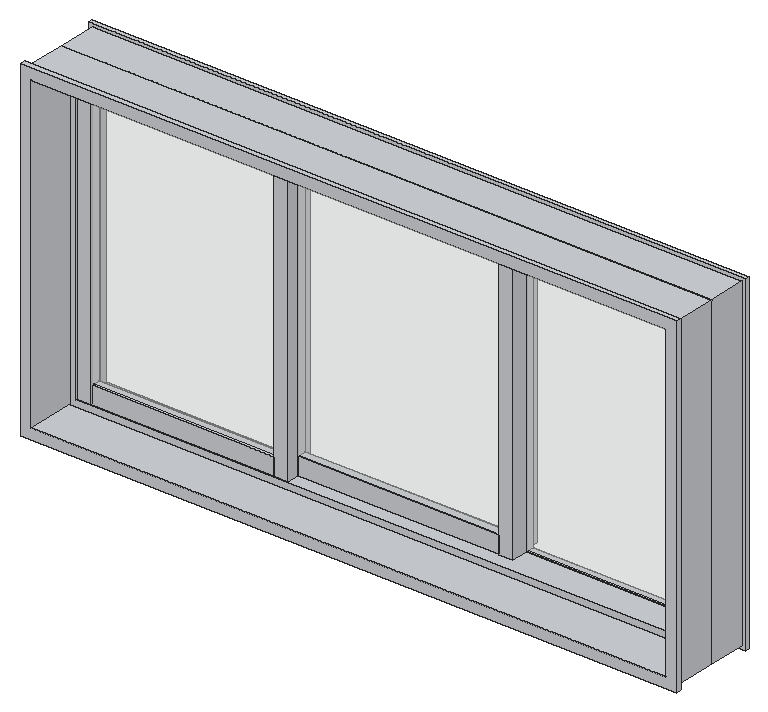
Revit family "APL Residential Thermal Heart Sliding Window SSF", category Windows, host Wall, Revit 2017 (continued)
Definition of nested family "APL Residential Thermal Heart Sliding Window SSF Horizontal Section"
  Definition of nested family "Jamb Multislider Stile"
    Definition of nested family "65410_Frame"
      Lines and regions (mm)
        model lines, in view "Ref. Level"
          curve 486: arc (111.5, 16.95, 0) -> (111, 16.45, 0) -> (110.5, 16.95, 0) r 0.5
          curve 487: arc (110.5, 18.5, 0) -> (110.646, 18.854, 0) -> (111, 19, 0) r 0.5
          curve 488: arc (116, 19, 0) -> (116.354, 18.854, 0) -> (116.5, 18.5, 0) r 0.5
          curve 489: arc (116.5, 16.95, 0) -> (116, 16.45, 0) -> (115.5, 16.95, 0) r 0.5
          curve 490: arc (115.5, 17.8, 0) -> (115.441, 17.941, 0) -> (115.3, 18, 0) r 0.2
          curve 491: arc (114.3, 18, 0) -> (114.159, 17.941, 0) -> (114.1, 17.8, 0) r 0.2
          curve 492: arc (114.1, 10.5, 0) -> (114.159, 10.359, 0) -> (114.3, 10.3, 0) r 0.2
          curve 493: arc (115.3, 10.3, 0) -> (115.441, 10.359, 0) -> (115.5, 10.5, 0) r 0.2
          curve 494: arc (115.5, 11.35, 0) -> (116, 11.85, 0) -> (116.5, 11.35, 0) r 0.5
          curve 495: arc (116.5, 8.8, 0) -> (116, 8.3, 0) -> (115.5, 8.8, 0) r 0.5
          curve 496: arc (115.5, 9.1, 0) -> (115.441, 9.241, 0) -> (115.3, 9.3, 0) r 0.2
          curve 497: arc (114.6, 9.3, 0) -> (114.459, 9.241, 0) -> (114.4, 9.1, 0) r 0.2
          curve 498: arc (114.4, -7.5, 0) -> (114.546, -7.854, 0) -> (114.9, -8, 0) r 0.5
          curve 499: arc (117.117, -8, 0) -> (117.422, -8.199, 0) -> (117.695, -7.957, 0) r 0.3
          curve 500: arc (117.695, -7.957, 0) -> (117.761, -7.819, 0) -> (117.887, -7.732, 0) r 0.3
          curve 501: arc (119.297, -7.218, 0) -> (119.583, -7.262, 0) -> (119.699, -7.526, 0) r 0.3
          curve 502: arc (119.492, -9.892, 0) -> (119.465, -9.992, 0) -> (119.405, -10.078, 0) r 0.3
          curve 503: arc (119.041, -10.441, 0) -> (118.848, -10.493, 0) -> (118.707, -10.352, 0) r 0.2
          curve 504: arc (118.662, -10.184, 0) -> (118.61, -10.095, 0) -> (118.521, -10.043, 0) r 0.2
          curve 505: arc (116.3, -9.5, 0) -> (116.02, -9.693, 0) -> (116.1, -10.024, 0) r 0.3
          curve 506: arc (116.1, -10.024, 0) -> (116.174, -10.125, 0) -> (116.2, -10.247, 0) r 0.3
          curve 507: arc (116.006, -14.25, 0) -> (116.042, -14.422, 0) -> (116.2, -14.5, 0) r 0.2
          curve 508: arc (116.721, -14.5, 0) -> (116.802, -14.489, 0) -> (116.877, -14.456, 0) r 0.3
          curve 509: arc (118.131, -13.691, 0) -> (118.128, -13.521, 0) -> (118.234, -13.389, 0) r 0.25
          curve 510: arc (118.32, -13.337, 0) -> (118.572, -13.332, 0) -> (118.7, -13.55, 0) r 0.25
          curve 511: arc (118.7, -15.126, 0) -> (118.618, -15.523, 0) -> (118.385, -15.854, 0) r 1
          curve 512: arc (118.385, -15.854, 0) -> (118.322, -16, 0) -> (118.385, -16.146, 0) r 0.2
          curve 513: arc (118.385, -16.146, 0) -> (118.618, -16.477, 0) -> (118.7, -16.874, 0) r 1
          curve 514: arc (118.7, -18.45, 0) -> (118.572, -18.668, 0) -> (118.32, -18.663, 0) r 0.25
          curve 515: arc (118.234, -18.611, 0) -> (118.128, -18.479, 0) -> (118.131, -18.309, 0) r 0.25
          curve 516: arc (116.877, -17.544, 0) -> (116.802, -17.511, 0) -> (116.721, -17.5, 0) r 0.3
          curve 517: arc (116.2, -17.5, 0) -> (116.042, -17.578, 0) -> (116.006, -17.75, 0) r 0.2
          curve 518: arc (116.2, -21.753, 0) -> (116.174, -21.875, 0) -> (116.1, -21.976, 0) r 0.3
          curve 519: arc (116.1, -21.976, 0) -> (116.02, -22.307, 0) -> (116.3, -22.5, 0) r 0.3
          curve 520: arc (118.521, -21.957, 0) -> (118.61, -21.905, 0) -> (118.662, -21.816, 0) r 0.2
          curve 521: arc (118.707, -21.648, 0) -> (118.848, -21.507, 0) -> (119.041, -21.559, 0) r 0.2
          curve 522: arc (119.405, -21.922, 0) -> (119.465, -22.008, 0) -> (119.492, -22.108, 0) r 0.3
          curve 523: arc (119.699, -24.474, 0) -> (119.583, -24.738, 0) -> (119.297, -24.782, 0) r 0.3
          curve 524: arc (117.887, -24.268, 0) -> (117.761, -24.181, 0) -> (117.695, -24.043, 0) r 0.3
          curve 525: arc (117.695, -24.043, 0) -> (117.422, -23.801, 0) -> (117.117, -24, 0) r 0.3
          curve 526: arc (114.8, -24, 0) -> (114.446, -23.854, 0) -> (114.3, -23.5, 0) r 0.5
          curve 527: arc (114.3, -19, 0) -> (114.241, -18.859, 0) -> (114.1, -18.8, 0) r 0.2
          curve 528: arc (105.3, -18.8, 0) -> (104.946, -18.654, 0) -> (104.8, -18.3, 0) r 0.5
          curve 529: arc (104.8, -17.8, 0) -> (104.946, -17.446, 0) -> (105.3, -17.3, 0) r 0.5
          curve 530: arc (106.727, -17.3, 0) -> (107.066, -17.167, 0) -> (107.226, -16.84, 0) r 0.5
          curve 531: arc (107.226, -16.84, 0) -> (107.712, -16.197, 0) -> (108.5, -16.366, 0) r 0.75
          curve 532: arc (108.5, -16.366, 0) -> (109.8, -16.9, 0) -> (111.1, -16.366, 0) r 1.85
          curve 533: arc (111.1, -16.366, 0) -> (111.242, -16.256, 0) -> (111.407, -16.183, 0) r 0.75
          curve 534: arc (111.407, -16.183, 0) -> (111.591, -16.08, 0) -> (111.716, -15.91, 0) r 0.5
          curve 535: arc (111.716, -15.91, 0) -> (111.9, -15.05, 0) -> (111.716, -14.19, 0) r 2.1
          curve 536: arc (111.716, -14.19, 0) -> (111.591, -14.02, 0) -> (111.407, -13.917, 0) r 0.5
          curve 537: arc (111.407, -13.917, 0) -> (111.242, -13.844, 0) -> (111.1, -13.734, 0) r 0.75
          curve 538: arc (111.1, -13.734, 0) -> (109.8, -13.2, 0) -> (108.5, -13.734, 0) r 1.85
          curve 539: arc (108.5, -13.734, 0) -> (107.831, -13.936, 0) -> (107.286, -13.5, 0) r 0.75
          curve 540: arc (107.286, -13.5, 0) -> (107.101, -13.282, 0) -> (106.827, -13.2, 0) r 0.5
          curve 541: arc (102.3, -13.2, 0) -> (101.25, -12.919, 0) -> (100.481, -12.15, 0) r 2.1
          curve 542: arc (100.481, -12.15, 0) -> (100.298, -11.967, 0) -> (100.048, -11.9, 0) r 0.5
          curve 543: arc (91.556, -11.9, 0) -> (91.287, -11.978, 0) -> (91.103, -12.188, 0) r 0.5
          curve 544: arc (91.103, -12.188, 0) -> (90.328, -13.071, 0) -> (89.2, -13.4, 0) r 2.1
          curve 545: arc (87.9, -13.4, 0) -> (87.193, -13.693, 0) -> (86.9, -14.4, 0) r 1
          curve 546: arc (86.9, -23.5, 0) -> (86.754, -23.854, 0) -> (86.4, -24, 0) r 0.5
          curve 547: arc (84.083, -24, 0) -> (83.778, -23.801, 0) -> (83.505, -24.043, 0) r 0.3
          curve 548: arc (83.505, -24.043, 0) -> (83.439, -24.181, 0) -> (83.313, -24.268, 0) r 0.3
          curve 549: arc (81.903, -24.782, 0) -> (81.617, -24.738, 0) -> (81.501, -24.474, 0) r 0.3
          curve 550: arc (81.708, -22.108, 0) -> (81.735, -22.008, 0) -> (81.795, -21.922, 0) r 0.3
          curve 551: arc (82.159, -21.559, 0) -> (82.352, -21.507, 0) -> (82.493, -21.648, 0) r 0.2
          curve 552: arc (82.538, -21.816, 0) -> (82.59, -21.905, 0) -> (82.679, -21.957, 0) r 0.2
          curve 553: arc (84.9, -22.5, 0) -> (85.18, -22.307, 0) -> (85.1, -21.976, 0) r 0.3
          curve 554: arc (85.1, -21.976, 0) -> (85.026, -21.875, 0) -> (85, -21.753, 0) r 0.3
          curve 555: arc (85.194, -17.75, 0) -> (85.158, -17.578, 0) -> (85, -17.5, 0) r 0.2
          curve 556: arc (84.479, -17.5, 0) -> (84.398, -17.511, 0) -> (84.323, -17.544, 0) r 0.3
          curve 557: arc (83.069, -18.309, 0) -> (83.072, -18.479, 0) -> (82.966, -18.611, 0) r 0.25
          curve 558: arc (82.88, -18.663, 0) -> (82.628, -18.668, 0) -> (82.5, -18.45, 0) r 0.25
          curve 559: arc (82.5, -16.874, 0) -> (82.582, -16.477, 0) -> (82.815, -16.146, 0) r 1
          curve 560: arc (82.815, -16.146, 0) -> (82.878, -16, 0) -> (82.815, -15.854, 0) r 0.2
          curve 561: arc (82.815, -15.854, 0) -> (82.582, -15.523, 0) -> (82.5, -15.126, 0) r 1
          curve 562: arc (82.5, -13.55, 0) -> (82.628, -13.332, 0) -> (82.88, -13.337, 0) r 0.25
          curve 563: arc (82.966, -13.389, 0) -> (83.072, -13.521, 0) -> (83.069, -13.691, 0) r 0.25
          curve 564: arc (84.323, -14.456, 0) -> (84.398, -14.489, 0) -> (84.479, -14.5, 0) r 0.3
          curve 565: arc (85, -14.5, 0) -> (85.158, -14.422, 0) -> (85.194, -14.25, 0) r 0.2
          curve 566: arc (85, -10.247, 0) -> (85.026, -10.125, 0) -> (85.1, -10.024, 0) r 0.3
          curve 567: arc (85.1, -10.024, 0) -> (85.18, -9.693, 0) -> (84.9, -9.5, 0) r 0.3
          curve 568: arc (82.679, -10.043, 0) -> (82.59, -10.095, 0) -> (82.538, -10.184, 0) r 0.2
          curve 569: arc (82.493, -10.352, 0) -> (82.352, -10.493, 0) -> (82.159, -10.441, 0) r 0.2
          curve 570: arc (81.795, -10.078, 0) -> (81.735, -9.992, 0) -> (81.708, -9.892, 0) r 0.3
          curve 571: arc (81.501, -7.526, 0) -> (81.617, -7.262, 0) -> (81.903, -7.218, 0) r 0.3
          curve 572: arc (83.313, -7.732, 0) -> (83.439, -7.819, 0) -> (83.505, -7.957, 0) r 0.3
          curve 573: arc (83.505, -7.957, 0) -> (83.778, -8.199, 0) -> (84.083, -8, 0) r 0.3
          curve 574: arc (86.7, -8, 0) -> (86.841, -8.059, 0) -> (86.9, -8.2, 0) r 0.2
          curve 575: arc (86.9, -11.3, 0) -> (86.959, -11.441, 0) -> (87.1, -11.5, 0) r 0.2
          curve 576: arc (89.2, -11.5, 0) -> (89.341, -11.441, 0) -> (89.4, -11.3, 0) r 0.2
          curve 577: arc (89.4, -10.2, 0) -> (89.459, -10.059, 0) -> (89.6, -10, 0) r 0.2
          curve 578: line (89.6, -10, 0) -> (95.4, -10, 0)
          curve 579: line (95.4, -10, 0) -> (95.8, -10.4, 0)
          curve 580: line (95.8, -10.4, 0) -> (96.2, -10, 0)
          curve 581: line (96.2, -10, 0) -> (101.9, -10, 0)
          curve 582: line (102.1, -10.2, 0) -> (102.1, -11.1, 0)
          curve 583: line (102.3, -11.3, 0) -> (109.1, -11.3, 0)
          curve 584: line (109.6, -10.8, 0) -> (109.6, -9.5, 0)
          curve 585: line (109.4, -9.3, 0) -> (107.3, -9.3, 0)
          curve 586: line (107.1, -9.1, 0) -> (107.1, -8.2, 0)
          curve 587: line (107.3, -8, 0) -> (112.1, -8, 0)
          curve 588: line (112.6, -7.5, 0) -> (112.6, 9.1, 0)
          curve 589: line (112.4, 9.3, 0) -> (111.7, 9.3, 0)
          curve 590: line (111.5, 9.1, 0) -> (111.5, 8.8, 0)
          curve 591: line (110.5, 8.8, 0) -> (110.5, 11.35, 0)
          curve 592: line (111.5, 11.35, 0) -> (111.5, 10.5, 0)
          curve 593: line (111.7, 10.3, 0) -> (112.7, 10.3, 0)
          curve 594: line (112.9, 10.5, 0) -> (112.9, 17.8, 0)
          curve 595: line (112.7, 18, 0) -> (111.701, 18, 0)
          curve 596: line (111.5, 17.8, 0) -> (111.5, 16.95, 0)
          curve 597: line (110.5, 16.95, 0) -> (110.5, 18.5, 0)
          curve 598: line (111, 19, 0) -> (116, 19, 0)
          curve 599: line (116.5, 18.5, 0) -> (116.5, 16.95, 0)
          curve 600: line (115.5, 16.95, 0) -> (115.5, 17.8, 0)
          curve 601: line (115.3, 18, 0) -> (114.3, 18, 0)
          curve 602: line (114.1, 17.8, 0) -> (114.1, 10.5, 0)
          curve 603: line (114.3, 10.3, 0) -> (115.3, 10.3, 0)
          curve 604: line (115.5, 10.5, 0) -> (115.5, 11.35, 0)
          curve 605: line (116.5, 11.35, 0) -> (116.5, 8.8, 0)
          curve 606: line (115.5, 8.8, 0) -> (115.5, 9.1, 0)
          curve 607: line (115.3, 9.3, 0) -> (114.6, 9.3, 0)
          curve 608: line (114.4, 9.1, 0) -> (114.4, -7.5, 0)
          curve 609: line (114.9, -8, 0) -> (117.117, -8, 0)
          curve 610: line (117.887, -7.732, 0) -> (119.297, -7.218, 0)
          curve 611: line (119.699, -7.526, 0) -> (119.492, -9.892, 0)
          curve 612: line (119.405, -10.078, 0) -> (119.041, -10.441, 0)
          curve 613: line (118.707, -10.352, 0) -> (118.662, -10.184, 0)
          curve 614: line (118.662, -10.184, 0) -> (116.532, -9.51, 0)
          curve 615: line (116.532, -9.51, 0) -> (116.3, -9.5, 0)
          curve 616: line (116.2, -10.247, 0) -> (116.2, -13.475, 0)
          curve 617: line (116.2, -13.475, 0) -> (116.006, -14.25, 0)
          curve 618: line (116.2, -14.5, 0) -> (116.721, -14.5, 0)
          curve 619: line (116.721, -14.5, 0) -> (118.131, -13.691, 0)
          curve 620: line (118.7, -13.55, 0) -> (118.7, -15.126, 0)
          curve 621: line (118.7, -16.874, 0) -> (118.7, -18.45, 0)
          curve 622: line (118.131, -18.309, 0) -> (116.877, -17.544, 0)
          curve 623: line (116.877, -17.544, 0) -> (116.2, -17.5, 0)
          curve 624: line (116.006, -17.75, 0) -> (116.194, -18.475, 0)
          curve 625: line (116.194, -18.475, 0) -> (116.2, -21.753, 0)
          curve 626: line (116.454, -22.5, 0) -> (118.521, -21.957, 0)
          curve 627: line (118.521, -21.957, 0) -> (118.707, -21.648, 0)
          curve 628: line (119.041, -21.559, 0) -> (119.405, -21.922, 0)
          curve 629: line (119.492, -22.108, 0) -> (119.699, -24.474, 0)
          curve 630: line (119.297, -24.782, 0) -> (117.887, -24.268, 0)
          curve 631: line (117.117, -24, 0) -> (114.8, -24, 0)
          curve 632: line (114.3, -23.5, 0) -> (114.3, -19, 0)
          curve 633: line (114.1, -18.8, 0) -> (105.3, -18.8, 0)
          curve 634: line (104.8, -18.3, 0) -> (104.8, -17.8, 0)
          curve 635: line (105.3, -17.3, 0) -> (106.727, -17.3, 0)
          curve 636: line (106.827, -13.2, 0) -> (102.3, -13.2, 0)
          curve 637: line (100.048, -11.9, 0) -> (91.556, -11.9, 0)
          curve 638: line (89.2, -13.4, 0) -> (87.9, -13.4, 0)
          curve 639: line (86.9, -14.4, 0) -> (86.9, -23.5, 0)
          curve 640: line (86.4, -24, 0) -> (84.083, -24, 0)
          curve 641: line (83.313, -24.268, 0) -> (81.903, -24.782, 0)
          curve 642: line (81.501, -24.474, 0) -> (81.708, -22.108, 0)
          curve 643: line (81.795, -21.922, 0) -> (82.159, -21.559, 0)
          curve 644: line (82.493, -21.648, 0) -> (82.538, -21.816, 0)
          curve 645: line (82.538, -21.816, 0) -> (84.668, -22.49, 0)
          curve 646: line (84.668, -22.49, 0) -> (84.9, -22.5, 0)
          curve 647: line (85, -21.753, 0) -> (85, -18.525, 0)
          curve 648: line (85, -18.525, 0) -> (85.194, -17.75, 0)
          curve 649: line (85, -17.5, 0) -> (84.479, -17.5, 0)
          curve 650: line (84.479, -17.5, 0) -> (83.069, -18.309, 0)
          curve 651: line (82.5, -18.45, 0) -> (82.5, -16.874, 0)
          curve 652: line (82.5, -15.126, 0) -> (82.5, -13.55, 0)
          curve 653: line (83.069, -13.691, 0) -> (84.323, -14.456, 0)
          curve 654: line (84.323, -14.456, 0) -> (85, -14.5, 0)
          curve 655: line (85.194, -14.25, 0) -> (85.006, -13.525, 0)
          curve 656: line (85.006, -13.525, 0) -> (85, -10.247, 0)
          curve 657: line (84.746, -9.5, 0) -> (82.679, -10.043, 0)
          curve 658: line (82.679, -10.043, 0) -> (82.493, -10.352, 0)
          curve 659: line (82.159, -10.441, 0) -> (81.795, -10.078, 0)
          curve 660: line (81.708, -9.892, 0) -> (81.501, -7.526, 0)
          curve 661: line (81.903, -7.218, 0) -> (83.313, -7.732, 0)
          curve 662: line (84.083, -8, 0) -> (86.7, -8, 0)
          curve 663: line (86.9, -8.2, 0) -> (86.9, -11.3, 0)
          curve 664: line (87.1, -11.5, 0) -> (89.2, -11.5, 0)
          curve 665: line (89.4, -11.3, 0) -> (89.4, -10.2, 0)
          curve 666: arc (159.4, 11.877, 0) -> (159.327, 11.95, 0) -> (159.3, 12.05, 0) r 0.2
          curve 667: arc (159.3, 16.25, 0) -> (159.327, 16.35, 0) -> (159.4, 16.423, 0) r 0.2
          curve 668: arc (159.4, 16.423, 0) -> (159.473, 16.496, 0) -> (159.5, 16.596, 0) r 0.2
          curve 669: arc (159.5, 17.8, 0) -> (159.441, 17.941, 0) -> (159.3, 18, 0) r 0.2
          curve 670: arc (157.701, 18, 0) -> (157.559, 17.942, 0) -> (157.5, 17.8, 0) r 0.2
          curve 671: arc (157.5, 16.95, 0) -> (157, 16.451, 0) -> (156.5, 16.95, 0) r 0.5
          curve 672: arc (156.5, 18.5, 0) -> (156.646, 18.854, 0) -> (157, 19, 0) r 0.499
          curve 673: arc (160.5, 19, 0) -> (160.847, 18.847, 0) -> (161, 18.5, 0) r 0.523
          curve 674: arc (161, -2.5, 0) -> (160.856, -2.856, 0) -> (160.5, -3, 0) r 0.493
          curve 675: arc (157.7, -3, 0) -> (157.558, -3.058, 0) -> (157.5, -3.2, 0) r 0.199
          curve 676: arc (157.5, -10.801, 0) -> (156.852, -12.441, 0) -> (155.258, -13.195, 0) r 2.399
          curve 677: arc (155.258, -13.195, 0) -> (154.878, -13.412, 0) -> (154.814, -13.844, 0) r 0.5
          curve 678: arc (154.814, -13.844, 0) -> (155, -15.047, 0) -> (154.816, -16.25, 0) r 4
          curve 679: arc (154.816, -16.25, 0) -> (154.89, -16.696, 0) -> (155.293, -16.9, 0) r 0.5
          curve 680: arc (155.5, -16.9, 0) -> (156.914, -17.486, 0) -> (157.5, -18.9, 0) r 2.001
          curve 681: arc (166.75, -22.5, 0) -> (167.501, -23.253, 0) -> (166.745, -24, 0) r 0.75
          curve 682: arc (157.5, -24, 0) -> (156.439, -23.561, 0) -> (156, -22.5, 0) r 1.5
          curve 683: arc (156, -19, 0) -> (155.941, -18.859, 0) -> (155.8, -18.8, 0) r 0.2
          curve 684: arc (146.5, -18.8, 0) -> (146.146, -18.654, 0) -> (146, -18.3, 0) r 0.5
          curve 685: arc (146, -17.8, 0) -> (146.146, -17.446, 0) -> (146.5, -17.3, 0) r 0.5
          curve 686: arc (147.927, -17.3, 0) -> (148.266, -17.167, 0) -> (148.426, -16.84, 0) r 0.5
          curve 687: arc (148.426, -16.84, 0) -> (148.912, -16.197, 0) -> (149.7, -16.366, 0) r 0.75
          curve 688: arc (149.7, -16.366, 0) -> (151, -16.9, 0) -> (152.3, -16.366, 0) r 1.85
          curve 689: arc (152.3, -16.366, 0) -> (152.442, -16.256, 0) -> (152.607, -16.183, 0) r 0.75
          curve 690: arc (152.607, -16.183, 0) -> (152.791, -16.08, 0) -> (152.916, -15.91, 0) r 0.5
          curve 691: arc (152.916, -15.91, 0) -> (153.1, -15.05, 0) -> (152.916, -14.19, 0) r 2.1
          curve 692: arc (152.916, -14.19, 0) -> (152.791, -14.02, 0) -> (152.607, -13.917, 0) r 0.5
          curve 693: arc (152.607, -13.917, 0) -> (152.442, -13.844, 0) -> (152.3, -13.734, 0) r 0.75
          curve 694: arc (152.3, -13.734, 0) -> (151, -13.2, 0) -> (149.7, -13.734, 0) r 1.85
          curve 695: arc (149.7, -13.734, 0) -> (149.027, -13.936, 0) -> (148.482, -13.491, 0) r 0.75
          curve 696: arc (148.482, -13.491, 0) -> (148.32, -13.284, 0) -> (148.075, -13.188, 0) r 0.5
          curve 697: arc (148.075, -13.188, 0) -> (147.154, -12.86, 0) -> (146.481, -12.15, 0) r 2.1
          curve 698: arc (146.481, -12.15, 0) -> (146.298, -11.967, 0) -> (146.048, -11.9, 0) r 0.5
          curve 699: arc (137.556, -11.9, 0) -> (137.287, -11.978, 0) -> (137.103, -12.188, 0) r 0.5
          curve 700: arc (137.103, -12.188, 0) -> (136.328, -13.071, 0) -> (135.2, -13.4, 0) r 2.1
          curve 701: arc (133.9, -13.4, 0) -> (133.193, -13.693, 0) -> (132.9, -14.4, 0) r 1
          curve 702: arc (132.9, -23.5, 0) -> (132.754, -23.854, 0) -> (132.4, -24, 0) r 0.5
          curve 703: arc (130.083, -24, 0) -> (129.778, -23.801, 0) -> (129.505, -24.043, 0) r 0.3
          curve 704: arc (129.505, -24.043, 0) -> (129.439, -24.181, 0) -> (129.313, -24.268, 0) r 0.3
          curve 705: arc (127.903, -24.782, 0) -> (127.617, -24.738, 0) -> (127.501, -24.474, 0) r 0.3
          curve 706: arc (127.708, -22.108, 0) -> (127.735, -22.008, 0) -> (127.795, -21.922, 0) r 0.3
          curve 707: arc (128.159, -21.559, 0) -> (128.352, -21.507, 0) -> (128.493, -21.648, 0) r 0.2
          curve 708: arc (128.538, -21.816, 0) -> (128.59, -21.905, 0) -> (128.679, -21.957, 0) r 0.2
          curve 709: arc (130.9, -22.5, 0) -> (131.18, -22.307, 0) -> (131.1, -21.976, 0) r 0.3
          curve 710: arc (131.1, -21.976, 0) -> (131.026, -21.875, 0) -> (131, -21.753, 0) r 0.3
          curve 711: arc (131.194, -17.75, 0) -> (131.158, -17.578, 0) -> (131, -17.5, 0) r 0.2
          curve 712: arc (130.479, -17.5, 0) -> (130.398, -17.511, 0) -> (130.323, -17.544, 0) r 0.3
          curve 713: arc (129.069, -18.309, 0) -> (129.072, -18.479, 0) -> (128.966, -18.611, 0) r 0.25
          curve 714: arc (128.88, -18.663, 0) -> (128.628, -18.668, 0) -> (128.5, -18.45, 0) r 0.25
          curve 715: arc (128.5, -16.874, 0) -> (128.582, -16.477, 0) -> (128.815, -16.146, 0) r 1
          curve 716: arc (128.815, -16.146, 0) -> (128.878, -16, 0) -> (128.815, -15.854, 0) r 0.2
          curve 717: arc (128.815, -15.854, 0) -> (128.582, -15.523, 0) -> (128.5, -15.126, 0) r 1
          curve 718: arc (128.5, -13.55, 0) -> (128.628, -13.332, 0) -> (128.88, -13.337, 0) r 0.25
          curve 719: arc (128.966, -13.389, 0) -> (129.072, -13.521, 0) -> (129.069, -13.691, 0) r 0.25
          curve 720: arc (130.323, -14.456, 0) -> (130.398, -14.489, 0) -> (130.479, -14.5, 0) r 0.3
          curve 721: arc (131, -14.5, 0) -> (131.158, -14.422, 0) -> (131.194, -14.25, 0) r 0.2
          curve 722: arc (131, -10.247, 0) -> (131.026, -10.125, 0) -> (131.1, -10.024, 0) r 0.3
          curve 723: arc (131.1, -10.024, 0) -> (131.18, -9.693, 0) -> (130.9, -9.5, 0) r 0.3
          curve 724: arc (128.679, -10.043, 0) -> (128.59, -10.095, 0) -> (128.538, -10.184, 0) r 0.2
          curve 725: arc (128.493, -10.352, 0) -> (128.352, -10.493, 0) -> (128.159, -10.441, 0) r 0.2
          curve 726: arc (127.795, -10.078, 0) -> (127.735, -9.992, 0) -> (127.708, -9.892, 0) r 0.3
          curve 727: arc (127.501, -7.526, 0) -> (127.617, -7.262, 0) -> (127.903, -7.218, 0) r 0.3
          curve 728: arc (129.313, -7.732, 0) -> (129.439, -7.819, 0) -> (129.505, -7.957, 0) r 0.3
          curve 729: arc (129.505, -7.957, 0) -> (129.778, -8.199, 0) -> (130.083, -8, 0) r 0.3
          curve 730: arc (132.7, -8, 0) -> (132.841, -8.059, 0) -> (132.9, -8.2, 0) r 0.2
          curve 731: arc (132.9, -11.3, 0) -> (132.959, -11.441, 0) -> (133.1, -11.5, 0) r 0.2
          curve 732: arc (135.2, -11.5, 0) -> (135.341, -11.441, 0) -> (135.4, -11.3, 0) r 0.2
          curve 733: arc (135.4, -10.2, 0) -> (135.459, -10.059, 0) -> (135.6, -10, 0) r 0.2
          curve 734: arc (147.9, -10, 0) -> (148.042, -10.059, 0) -> (148.1, -10.2, 0) r 0.2
          curve 735: arc (148.1, -11.1, 0) -> (148.159, -11.241, 0) -> (148.3, -11.3, 0) r 0.2
          curve 736: arc (155.1, -11.3, 0) -> (155.454, -11.154, 0) -> (155.6, -10.8, 0) r 0.5
          curve 737: arc (155.6, -9.5, 0) -> (155.541, -9.359, 0) -> (155.4, -9.3, 0) r 0.2
          curve 738: arc (153.3, -9.3, 0) -> (153.159, -9.241, 0) -> (153.1, -9.1, 0) r 0.2
          curve 739: arc (153.1, -8.2, 0) -> (153.159, -8.059, 0) -> (153.3, -8, 0) r 0.2
          curve 740: arc (155.5, -8, 0) -> (155.854, -7.854, 0) -> (156, -7.5, 0) r 0.5
          curve 741: arc (156, -1.2, 0) -> (156.146, -0.846, 0) -> (156.5, -0.7, 0) r 0.5
          curve 742: arc (157.3, -0.7, 0) -> (157.441, -0.759, 0) -> (157.5, -0.9, 0) r 0.2
          curve 743: arc (159.3, -1.7, 0) -> (159.441, -1.641, 0) -> (159.5, -1.5, 0) r 0.2
          curve 744: arc (159.5, 3.4, 0) -> (159.1, 3.8, 0) -> (159.5, 4.2, 0) r 0.4
          curve 745: arc (159.5, 9.1, 0) -> (159.441, 9.241, 0) -> (159.3, 9.3, 0) r 0.2
          curve 746: arc (157.5, 8.7, 0) -> (157.383, 8.417, 0) -> (157.1, 8.3, 0) r 0.4
          curve 747: arc (157, 8.3, 0) -> (156.646, 8.447, 0) -> (156.5, 8.8, 0) r 0.5
          curve 748: arc (156.5, 11.35, 0) -> (157, 11.85, 0) -> (157.5, 11.35, 0) r 0.5
          curve 749: arc (157.5, 10.5, 0) -> (157.559, 10.359, 0) -> (157.7, 10.3, 0) r 0.2
          curve 750: arc (159.3, 10.3, 0) -> (159.441, 10.359, 0) -> (159.5, 10.5, 0) r 0.2
          curve 751: line (159.3, 12.05, 0) -> (159.3, 16.25, 0)
          curve 752: line (159.5, 16.596, 0) -> (159.5, 17.8, 0)
          curve 753: line (159.3, 18, 0) -> (157.701, 18, 0)
          curve 754: line (157.5, 17.8, 0) -> (157.5, 16.95, 0)
          curve 755: line (156.5, 16.95, 0) -> (156.5, 18.5, 0)
          curve 756: line (157, 19, 0) -> (160.5, 19, 0)
          curve 757: line (161, 18.5, 0) -> (161, -2.5, 0)
          curve 758: line (160.5, -3, 0) -> (157.7, -3, 0)
          curve 759: line (157.5, -3.2, 0) -> (157.5, -10.801, 0)
          curve 760: line (155.293, -16.9, 0) -> (155.5, -16.9, 0)
          curve 761: line (157.5, -18.9, 0) -> (157.5, -22.5, 0)
          curve 762: line (157.5, -22.5, 0) -> (166.75, -22.5, 0)
          curve 763: line (166.745, -24, 0) -> (165, -24, 0)
          curve 764: line (165, -24, 0) -> (164.6, -23.6, 0)
          curve 765: line (164.6, -23.6, 0) -> (158.3, -23.6, 0)
          curve 766: line (158.3, -23.6, 0) -> (157.9, -24, 0)
          curve 767: line (157.9, -24, 0) -> (157.5, -24, 0)
          curve 768: line (156, -22.5, 0) -> (156, -19, 0)
          curve 769: line (155.8, -18.8, 0) -> (146.5, -18.8, 0)
          curve 770: line (146, -18.3, 0) -> (146, -17.8, 0)
          curve 771: line (146.5, -17.3, 0) -> (147.927, -17.3, 0)
          curve 772: line (146.048, -11.9, 0) -> (137.556, -11.9, 0)
          curve 773: line (135.2, -13.4, 0) -> (133.9, -13.4, 0)
          curve 774: line (132.9, -14.4, 0) -> (132.9, -23.5, 0)
          curve 775: line (132.4, -24, 0) -> (130.083, -24, 0)
          curve 776: line (129.313, -24.268, 0) -> (127.903, -24.782, 0)
          curve 777: line (127.501, -24.474, 0) -> (127.708, -22.108, 0)
          curve 778: line (127.795, -21.922, 0) -> (128.159, -21.559, 0)
          curve 779: line (128.493, -21.648, 0) -> (128.538, -21.816, 0)
          curve 780: line (128.538, -21.816, 0) -> (130.668, -22.49, 0)
          curve 781: line (130.668, -22.49, 0) -> (130.9, -22.5, 0)
          curve 782: line (131, -21.753, 0) -> (131, -18.525, 0)
          curve 783: line (131, -18.525, 0) -> (131.194, -17.75, 0)
          curve 784: line (131, -17.5, 0) -> (130.479, -17.5, 0)
          curve 785: line (130.479, -17.5, 0) -> (129.069, -18.309, 0)
          curve 786: line (128.5, -18.45, 0) -> (128.5, -16.874, 0)
          curve 787: line (128.5, -15.126, 0) -> (128.5, -13.55, 0)
          curve 788: line (129.069, -13.691, 0) -> (130.323, -14.456, 0)
          curve 789: line (130.323, -14.456, 0) -> (131, -14.5, 0)
          curve 790: line (131.194, -14.25, 0) -> (131, -13.5, 0)
          curve 791: line (131.006, -13.525, 0) -> (131, -10.247, 0)
          curve 792: line (130.746, -9.5, 0) -> (128.679, -10.043, 0)
          curve 793: line (128.679, -10.043, 0) -> (128.493, -10.352, 0)
          curve 794: line (128.159, -10.441, 0) -> (127.795, -10.078, 0)
          curve 795: line (127.708, -9.892, 0) -> (127.501, -7.526, 0)
          curve 796: line (127.903, -7.218, 0) -> (129.313, -7.732, 0)
          curve 797: line (130.083, -8, 0) -> (132.7, -8, 0)
          curve 798: line (132.9, -8.2, 0) -> (132.9, -11.3, 0)
          curve 799: line (133.1, -11.5, 0) -> (135.2, -11.5, 0)
          curve 800: line (135.4, -11.3, 0) -> (135.4, -10.2, 0)
          curve 801: line (135.6, -10, 0) -> (141.4, -10, 0)
          curve 802: line (141.4, -10, 0) -> (141.8, -10.4, 0)
          curve 803: line (141.8, -10.4, 0) -> (142.2, -10, 0)
          curve 804: line (142.2, -10, 0) -> (147.9, -10, 0)
          curve 805: line (148.1, -10.2, 0) -> (148.1, -11.1, 0)
          curve 806: line (148.3, -11.3, 0) -> (155.1, -11.3, 0)
          curve 807: line (155.6, -10.8, 0) -> (155.6, -9.5, 0)
          curve 808: line (155.4, -9.3, 0) -> (153.3, -9.3, 0)
          curve 809: line (153.1, -9.1, 0) -> (153.1, -8.2, 0)
          curve 810: line (153.3, -8, 0) -> (155.5, -8, 0)
          curve 811: line (156, -7.5, 0) -> (156, -1.2, 0)
          curve 812: line (156.5, -0.7, 0) -> (157.3, -0.7, 0)
          curve 813: line (157.5, -0.9, 0) -> (157.5, -1.7, 0)
          curve 814: line (157.5, -1.7, 0) -> (159.3, -1.7, 0)
          curve 815: line (159.5, -1.5, 0) -> (159.5, 3.4, 0)
          curve 816: line (159.5, 4.2, 0) -> (159.5, 9.1, 0)
          curve 817: line (159.3, 9.3, 0) -> (157.5, 9.3, 0)
          curve 818: line (157.5, 9.3, 0) -> (157.5, 8.7, 0)
          curve 819: line (156.5, 8.8, 0) -> (156.5, 11.35, 0)
          curve 820: line (157.5, 11.35, 0) -> (157.5, 10.5, 0)
          curve 821: line (157.7, 10.3, 0) -> (159.3, 10.3, 0)
          curve 822: line (159.5, 10.5, 0) -> (159.5, 11.704, 0)
          curve 823: arc (159.5, 11.704, 0) -> (159.473, 11.804, 0) -> (159.4, 11.877, 0) r 0.2
          curve 824: arc (116.2, -13.6, 0) -> (116.317, -13.883, 0) -> (116.6, -14, 0) r 0.4
          curve 825: arc (116.893, -14, 0) -> (116.996, -13.986, 0) -> (117.093, -13.946, 0) r 0.4
          curve 826: arc (118.621, -13.061, 0) -> (118.911, -12.941, 0) -> (119.222, -12.9, 0) r 1.2
          curve 827: arc (120.145, -12.9, 0) -> (120.718, -12.719, 0) -> (121.084, -12.242, 0) r 1
          curve 828: arc (121.877, -10.063, 0) -> (122.024, -9.872, 0) -> (122.253, -9.8, 0) r 0.4
          curve 829: arc (124.947, -9.8, 0) -> (125.176, -9.872, 0) -> (125.323, -10.063, 0) r 0.4
          curve 830: arc (126.116, -12.242, 0) -> (126.482, -12.719, 0) -> (127.055, -12.9, 0) r 1
          curve 831: arc (127.978, -12.9, 0) -> (128.289, -12.941, 0) -> (128.579, -13.061, 0) r 1.2
          curve 832: arc (130.107, -13.946, 0) -> (130.204, -13.986, 0) -> (130.307, -14, 0) r 0.4
          curve 833: arc (130.6, -14, 0) -> (130.883, -13.883, 0) -> (131, -13.6, 0) r 0.4
          curve 834: arc (131, -10.2, 0) -> (130.883, -9.917, 0) -> (130.6, -9.8, 0) r 0.4
          curve 835: arc (130.307, -9.8, 0) -> (130.204, -9.814, 0) -> (130.107, -9.854, 0) r 0.4
          curve 836: arc (128.579, -10.739, 0) -> (128.285, -10.86, 0) -> (127.97, -10.9, 0) r 1.2
          curve 837: arc (127.97, -10.9, 0) -> (127.795, -10.847, 0) -> (127.684, -10.703, 0) r 0.3
          curve 838: arc (126.796, -8.263, 0) -> (126.649, -8.072, 0) -> (126.42, -8, 0) r 0.4
          curve 839: arc (120.78, -8, 0) -> (120.551, -8.072, 0) -> (120.404, -8.263, 0) r 0.4
          curve 840: arc (119.516, -10.703, 0) -> (119.405, -10.847, 0) -> (119.23, -10.9, 0) r 0.3
          curve 841: arc (119.23, -10.9, 0) -> (118.915, -10.86, 0) -> (118.621, -10.739, 0) r 1.2
          curve 842: arc (117.093, -9.854, 0) -> (116.996, -9.814, 0) -> (116.893, -9.8, 0) r 0.4
          curve 843: arc (116.6, -9.8, 0) -> (116.317, -9.917, 0) -> (116.2, -10.2, 0) r 0.4
          curve 844: line (116.6, -14, 0) -> (116.893, -14, 0)
          curve 845: line (117.093, -13.946, 0) -> (118.621, -13.061, 0)
          curve 846: line (119.222, -12.9, 0) -> (120.145, -12.9, 0)
          curve 847: line (121.084, -12.242, 0) -> (121.877, -10.063, 0)
          curve 848: line (122.253, -9.8, 0) -> (124.947, -9.8, 0)
          curve 849: line (125.323, -10.063, 0) -> (126.116, -12.242, 0)
          curve 850: line (127.055, -12.9, 0) -> (127.978, -12.9, 0)
          curve 851: line (128.579, -13.061, 0) -> (130.107, -13.946, 0)
          curve 852: line (130.307, -14, 0) -> (130.6, -14, 0)
          curve 853: line (131, -13.6, 0) -> (131, -10.2, 0)
          curve 854: line (130.6, -9.8, 0) -> (130.307, -9.8, 0)
          curve 855: line (130.107, -9.854, 0) -> (128.579, -10.739, 0)
          curve 856: line (127.684, -10.703, 0) -> (126.796, -8.263, 0)
          curve 857: line (126.42, -8, 0) -> (120.78, -8, 0)
          curve 858: line (120.404, -8.263, 0) -> (119.516, -10.703, 0)
          curve 859: line (118.621, -10.739, 0) -> (117.093, -9.854, 0)
          curve 860: line (116.893, -9.8, 0) -> (116.6, -9.8, 0)
          curve 861: line (116.2, -10.2, 0) -> (116.2, -13.6, 0)
          curve 862: arc (116.2, -18.4, 0) -> (116.317, -18.117, 0) -> (116.6, -18, 0) r 0.4
          curve 863: arc (116.893, -18, 0) -> (116.996, -18.014, 0) -> (117.093, -18.054, 0) r 0.4
          curve 864: arc (118.621, -18.939, 0) -> (118.911, -19.059, 0) -> (119.222, -19.1, 0) r 1.2
          curve 865: arc (120.145, -19.1, 0) -> (120.718, -19.281, 0) -> (121.084, -19.758, 0) r 1
          curve 866: arc (121.877, -21.937, 0) -> (122.024, -22.128, 0) -> (122.253, -22.2, 0) r 0.4
          curve 867: arc (124.947, -22.2, 0) -> (125.176, -22.128, 0) -> (125.323, -21.937, 0) r 0.4
          curve 868: arc (126.116, -19.758, 0) -> (126.482, -19.281, 0) -> (127.055, -19.1, 0) r 1
          curve 869: arc (127.978, -19.1, 0) -> (128.289, -19.059, 0) -> (128.579, -18.939, 0) r 1.2
          curve 870: arc (130.107, -18.054, 0) -> (130.204, -18.014, 0) -> (130.307, -18, 0) r 0.4
          curve 871: arc (130.6, -18, 0) -> (130.883, -18.117, 0) -> (131, -18.4, 0) r 0.4
          curve 872: arc (131, -21.8, 0) -> (130.883, -22.083, 0) -> (130.6, -22.2, 0) r 0.4
          curve 873: arc (130.307, -22.2, 0) -> (130.204, -22.186, 0) -> (130.107, -22.146, 0) r 0.4
          curve 874: arc (128.579, -21.262, 0) -> (128.285, -21.14, 0) -> (127.97, -21.1, 0) r 1.2
          curve 875: arc (127.97, -21.1, 0) -> (127.795, -21.153, 0) -> (127.684, -21.297, 0) r 0.3
          curve 876: arc (126.796, -23.737, 0) -> (126.649, -23.928, 0) -> (126.42, -24, 0) r 0.4
          curve 877: arc (120.78, -24, 0) -> (120.551, -23.928, 0) -> (120.404, -23.737, 0) r 0.4
          curve 878: arc (119.516, -21.297, 0) -> (119.405, -21.153, 0) -> (119.23, -21.1, 0) r 0.3
          curve 879: arc (119.23, -21.1, 0) -> (118.915, -21.14, 0) -> (118.621, -21.262, 0) r 1.2
          curve 880: arc (117.093, -22.146, 0) -> (116.996, -22.186, 0) -> (116.893, -22.2, 0) r 0.4
          curve 881: arc (116.6, -22.2, 0) -> (116.317, -22.083, 0) -> (116.2, -21.8, 0) r 0.4
          curve 882: line (116.6, -18, 0) -> (116.893, -18, 0)
          curve 883: line (117.093, -18.054, 0) -> (118.621, -18.939, 0)
          curve 884: line (119.222, -19.1, 0) -> (120.145, -19.1, 0)
          curve 885: line (121.084, -19.758, 0) -> (121.877, -21.937, 0)
          curve 886: line (122.253, -22.2, 0) -> (124.947, -22.2, 0)
          curve 887: line (125.323, -21.937, 0) -> (126.116, -19.758, 0)
          curve 888: line (127.055, -19.1, 0) -> (127.978, -19.1, 0)
          curve 889: line (128.579, -18.939, 0) -> (130.107, -18.054, 0)
          curve 890: line (130.307, -18, 0) -> (130.6, -18, 0)
          curve 891: line (131, -18.4, 0) -> (131, -21.8, 0)
          curve 892: line (130.6, -22.2, 0) -> (130.307, -22.2, 0)
          curve 893: line (130.107, -22.146, 0) -> (128.579, -21.262, 0)
          curve 894: line (127.684, -21.297, 0) -> (126.796, -23.737, 0)
          curve 895: line (126.42, -24, 0) -> (120.78, -24, 0)
          curve 896: line (120.404, -23.737, 0) -> (119.516, -21.297, 0)
          curve 897: line (118.621, -21.262, 0) -> (117.093, -22.146, 0)
          curve 898: line (116.893, -22.2, 0) -> (116.6, -22.2, 0)
          curve 899: line (116.2, -21.8, 0) -> (116.2, -18.4, 0)
      Text (mm)
        text "65410" at (71.918, 37.65, 0), in view "Ref. Level"
    Definition of nested family "65585_Infill"
      Reference planes
        plane 1 "Center (Front/Back)": y = 0
        plane 2: z = 0
        plane 3 "Center (Left/Right)": x = 0
      Lines and regions (mm)
        model lines, in view "Ref. Level"
          curve 1: arc (0.752, -3.072, 0) -> (0.936, -2.765, 0) -> (1, -2.413, 0) r 1
          curve 2: arc (1, -2, 0) -> (1.146, -1.646, 0) -> (1.5, -1.5, 0) r 0.5
          curve 3: arc (36.55, -1.5, 0) -> (36.904, -1.646, 0) -> (37.05, -2, 0) r 0.5
          curve 4: arc (37.05, -2.542, 0) -> (37.582, -3.901, 0) -> (38.896, -4.536, 0) r 2
          curve 5: arc (38.896, -4.536, 0) -> (39.7, -4.528, 0) -> (40.49, -4.38, 0) r 4.6
          curve 6: arc (40.49, -4.38, 0) -> (40.927, -4.463, 0) -> (41.125, -4.861, 0) r 0.5
          curve 7: arc (41.125, -5.356, 0) -> (41.077, -5.571, 0) -> (40.941, -5.744, 0) r 0.5
          curve 8: arc (40.941, -5.744, 0) -> (40.536, -5.965, 0) -> (40.078, -6.026, 0) r 1.261
          curve 9: arc (40.078, -6.026, 0) -> (38.967, -6.436, 0) -> (38.5, -7.524, 0) r 1.5
          curve 10: arc (38.5, -11, 0) -> (38.793, -11.707, 0) -> (39.5, -12, 0) r 1
          curve 11: arc (41.5, -12, 0) -> (42, -11.5, 0) -> (41.5, -11, 0) r 0.5
          curve 12: arc (39.5, -7.524, 0) -> (39.656, -7.161, 0) -> (40.026, -7.024, 0) r 0.5
          curve 13: arc (40.026, -7.024, 0) -> (41.175, -6.779, 0) -> (42.045, -5.99, 0) r 2.261
          curve 14: arc (42.045, -5.99, 0) -> (42.105, -5.861, 0) -> (42.125, -5.72, 0) r 0.5
          curve 15: arc (42.125, -3.292, 0) -> (41.854, -2.848, 0) -> (41.335, -2.884, 0) r 0.5
          curve 16: arc (41.335, -2.884, 0) -> (40.212, -3.419, 0) -> (38.973, -3.539, 0) r 3.6
          curve 17: arc (38.973, -3.539, 0) -> (38.316, -3.222, 0) -> (38.05, -2.542, 0) r 1
          curve 18: arc (38.05, -2.011, 0) -> (38.088, -1.819, 0) -> (38.196, -1.657, 0) r 0.5
          curve 19: arc (39.427, -0.427, 0) -> (39.481, -0.154, 0) -> (39.25, 0, 0) r 0.25
          curve 20: arc (0.5, 0, 0) -> (0.146, -0.146, 0) -> (0, -0.5, 0) r 0.5
          curve 21: line (1, -2.413, 0) -> (1, -2, 0)
          curve 22: line (1.5, -1.5, 0) -> (36.55, -1.5, 0)
          curve 23: line (37.05, -2, 0) -> (37.05, -2.542, 0)
          curve 24: line (41.125, -4.861, 0) -> (41.125, -5.356, 0)
          curve 25: line (38.5, -7.524, 0) -> (38.5, -11, 0)
          curve 26: line (39.5, -12, 0) -> (41.5, -12, 0)
          curve 27: line (41.5, -11, 0) -> (39.5, -11, 0)
          curve 28: line (39.5, -11, 0) -> (39.5, -7.524, 0)
          curve 29: line (42.125, -5.72, 0) -> (42.125, -3.292, 0)
          curve 30: line (38.05, -2.542, 0) -> (38.05, -2.011, 0)
          curve 31: line (38.196, -1.657, 0) -> (39.427, -0.427, 0)
          curve 32: line (39.25, 0, 0) -> (0.5, 0, 0)
          curve 33: line (0, -0.5, 0) -> (0, -2.413, 0)
          curve 34: arc (0, -2.413, 0) -> (-0.837, -6.153, 0) -> (1.856, -8.881, 0) r 4
          curve 35: arc (1.856, -8.881, 0) -> (2.479, -8.546, 0) -> (2.144, -7.923, 0) r 0.5
          curve 36: arc (2.144, -7.923, 0) -> (0.124, -5.878, 0) -> (0.752, -3.072, 0) r 3
      Text (mm)
        text "65585" at (9.33, 14.342, 0), in view "Ref. Level"
  Definition of nested family "Jamb Multislider Fixed"
    Reference planes
      plane 1 "Center (Front/Back)": y = 0
      plane 2: z = 0
      plane 3 "Center (Left/Right)": x = 0
    Lines and regions (mm)
      detail lines, in view "Ref. Level"
        curve 1: arc (34.145, 40.782, 0) -> (34.004, 40.472, 0) -> (34.304, 40.309, 0) r 0.25
        curve 2: arc (44.192, 40.336, 0) -> (44.491, 40.498, 0) -> (44.351, 40.808, 0) r 0.25
        curve 3: line (34.304, 40.309, 0) -> (38.171, 41.303, 0)
        curve 4: line (38.171, 41.303, 0) -> (38.75, 40.3, 0)
        curve 5: line (38.75, 40.3, 0) -> (39.75, 40.3, 0)
        curve 6: line (39.75, 40.3, 0) -> (40.342, 41.325, 0)
        curve 7: line (40.342, 41.325, 0) -> (44.192, 40.336, 0)
        curve 8: line (44.351, 40.808, 0) -> (40.25, 42.532, 0)
        curve 9: line (40.25, 42.532, 0) -> (40.25, 43.8, 0)
        curve 10: line (40.25, 43.8, 0) -> (41.5, 43.8, 0)
        curve 11: line (41.5, 43.8, 0) -> (41.5, 44.8, 0)
        curve 12: line (41.5, 44.8, 0) -> (37, 44.8, 0)
        curve 13: line (37, 44.8, 0) -> (37, 43.8, 0)
        curve 14: line (37, 43.8, 0) -> (38.25, 43.8, 0)
        curve 15: line (38.25, 43.8, 0) -> (38.25, 42.508, 0)
        curve 16: line (38.25, 42.508, 0) -> (34.145, 40.782, 0)
      detail lines, in view "Ref. Level", not visible
        curve 17: arc (33.161, -9.933, 0) -> (32.851, -9.793, 0) -> (32.689, -10.092, 0) r 0.25
        curve 18: arc (32.715, -19.98, 0) -> (32.877, -20.279, 0) -> (33.188, -20.139, 0) r 0.25
        curve 19: line (32.689, -10.092, 0) -> (33.683, -13.959, 0)
        curve 20: line (33.683, -13.959, 0) -> (32.679, -14.539, 0)
        curve 21: line (32.679, -14.539, 0) -> (32.679, -15.539, 0)
        curve 22: line (32.679, -15.539, 0) -> (33.705, -16.131, 0)
        curve 23: line (33.705, -16.131, 0) -> (32.715, -19.98, 0)
        curve 24: line (33.188, -20.139, 0) -> (34.912, -16.039, 0)
        curve 25: line (34.912, -16.039, 0) -> (36.179, -16.039, 0)
        curve 26: line (36.179, -16.039, 0) -> (36.179, -17.289, 0)
        curve 27: line (36.179, -17.289, 0) -> (37.179, -17.289, 0)
        curve 28: line (37.179, -17.289, 0) -> (37.179, -12.789, 0)
        curve 29: line (37.179, -12.789, 0) -> (36.179, -12.789, 0)
        curve 30: line (36.179, -12.789, 0) -> (36.179, -14.039, 0)
        curve 31: line (36.179, -14.039, 0) -> (34.887, -14.039, 0)
        curve 32: line (34.887, -14.039, 0) -> (33.161, -9.933, 0)
    Nested families
      nested 1: "65585_Infill" at (43, 110.375, 0) x (0, -1, 0) z (0, 0, 1), type "65585_Infill", in view "Ref. Level"
      nested 2: "65410_Frame" at (24, 0, 0) x (0, 1, 0) z (0, 0, 1), type "65410_Frame", in view "Ref. Level"
      nested 3: "65585_Infill" at (43, 156.486, 0) x (0, -1, 0) z (0, 0, 1), type "65585_Infill", in view "Ref. Level"
    Definition of nested family "65585_Infill"
      Reference planes
        plane 1 "Center (Front/Back)": y = 0
        plane 2: z = 0
        plane 3 "Center (Left/Right)": x = 0
      Lines and regions (mm)
        model lines, in view "Ref. Level"
          curve 1: arc (0.752, -3.072, 0) -> (0.936, -2.765, 0) -> (1, -2.413, 0) r 1
          curve 2: arc (1, -2, 0) -> (1.146, -1.646, 0) -> (1.5, -1.5, 0) r 0.5
          curve 3: arc (36.55, -1.5, 0) -> (36.904, -1.646, 0) -> (37.05, -2, 0) r 0.5
          curve 4: arc (37.05, -2.542, 0) -> (37.582, -3.901, 0) -> (38.896, -4.536, 0) r 2
          curve 5: arc (38.896, -4.536, 0) -> (39.7, -4.528, 0) -> (40.49, -4.38, 0) r 4.6
          curve 6: arc (40.49, -4.38, 0) -> (40.927, -4.463, 0) -> (41.125, -4.861, 0) r 0.5
          curve 7: arc (41.125, -5.356, 0) -> (41.077, -5.571, 0) -> (40.941, -5.744, 0) r 0.5
          curve 8: arc (40.941, -5.744, 0) -> (40.536, -5.965, 0) -> (40.078, -6.026, 0) r 1.261
          curve 9: arc (40.078, -6.026, 0) -> (38.967, -6.436, 0) -> (38.5, -7.524, 0) r 1.5
          curve 10: arc (38.5, -11, 0) -> (38.793, -11.707, 0) -> (39.5, -12, 0) r 1
          curve 11: arc (41.5, -12, 0) -> (42, -11.5, 0) -> (41.5, -11, 0) r 0.5
          curve 12: arc (39.5, -7.524, 0) -> (39.656, -7.161, 0) -> (40.026, -7.024, 0) r 0.5
          curve 13: arc (40.026, -7.024, 0) -> (41.175, -6.779, 0) -> (42.045, -5.99, 0) r 2.261
          curve 14: arc (42.045, -5.99, 0) -> (42.105, -5.861, 0) -> (42.125, -5.72, 0) r 0.5
          curve 15: arc (42.125, -3.292, 0) -> (41.854, -2.848, 0) -> (41.335, -2.884, 0) r 0.5
          curve 16: arc (41.335, -2.884, 0) -> (40.212, -3.419, 0) -> (38.973, -3.539, 0) r 3.6
          curve 17: arc (38.973, -3.539, 0) -> (38.316, -3.222, 0) -> (38.05, -2.542, 0) r 1
          curve 18: arc (38.05, -2.011, 0) -> (38.088, -1.819, 0) -> (38.196, -1.657, 0) r 0.5
          curve 19: arc (39.427, -0.427, 0) -> (39.481, -0.154, 0) -> (39.25, 0, 0) r 0.25
          curve 20: arc (0.5, 0, 0) -> (0.146, -0.146, 0) -> (0, -0.5, 0) r 0.5
          curve 21: line (1, -2.413, 0) -> (1, -2, 0)
          curve 22: line (1.5, -1.5, 0) -> (36.55, -1.5, 0)
          curve 23: line (37.05, -2, 0) -> (37.05, -2.542, 0)
          curve 24: line (41.125, -4.861, 0) -> (41.125, -5.356, 0)
          curve 25: line (38.5, -7.524, 0) -> (38.5, -11, 0)
          curve 26: line (39.5, -12, 0) -> (41.5, -12, 0)
          curve 27: line (41.5, -11, 0) -> (39.5, -11, 0)
          curve 28: line (39.5, -11, 0) -> (39.5, -7.524, 0)
          curve 29: line (42.125, -5.72, 0) -> (42.125, -3.292, 0)
          curve 30: line (38.05, -2.542, 0) -> (38.05, -2.011, 0)
          curve 31: line (38.196, -1.657, 0) -> (39.427, -0.427, 0)
          curve 32: line (39.25, 0, 0) -> (0.5, 0, 0)
          curve 33: line (0, -0.5, 0) -> (0, -2.413, 0)
          curve 34: arc (0, -2.413, 0) -> (-0.837, -6.153, 0) -> (1.856, -8.881, 0) r 4
          curve 35: arc (1.856, -8.881, 0) -> (2.479, -8.546, 0) -> (2.144, -7.923, 0) r 0.5
          curve 36: arc (2.144, -7.923, 0) -> (0.124, -5.878, 0) -> (0.752, -3.072, 0) r 3
      Text (mm)
        text "65585" at (9.33, 14.342, 0), in view "Ref. Level"
    Definition of nested family "65410_Frame"
      Reference planes
        plane 1 "Center (Front/Back)": y = 0
        plane 2: z = 0
        plane 3 "Center (Left/Right)": x = 0
      Lines and regions (mm)
        model lines, in view "Ref. Level"
          curve 1: arc (10.8, -17.502, 0) -> (11.356, -16.157, 0) -> (12.7, -15.6, 0) r 1.9
          curve 2: arc (13.1, -15.6, 0) -> (13.241, -15.541, 0) -> (13.3, -15.4, 0) r 0.2
          curve 3: arc (13.3, -8.6, 0) -> (13.241, -8.459, 0) -> (13.1, -8.4, 0) r 0.2
          curve 4: arc (11, -8.4, 0) -> (10.859, -8.341, 0) -> (10.8, -8.2, 0) r 0.2
          curve 5: arc (10.8, -7.717, 0) -> (10.741, -7.575, 0) -> (10.6, -7.517, 0) r 0.2
          curve 6: arc (1.9, -7.517, 0) -> (1.546, -7.663, 0) -> (1.4, -8.017, 0) r 0.5
          curve 7: arc (1.4, -21.755, 0) -> (1.521, -22.369, 0) -> (1.869, -22.889, 0) r 1.6
          curve 8: arc (6.387, -27.407, 0) -> (6.711, -27.624, 0) -> (7.094, -27.7, 0) r 1
          curve 9: arc (9.8, -27.7, 0) -> (10.507, -27.407, 0) -> (10.8, -26.7, 0) r 1
          curve 10: arc (1.665, -0.379, 0) -> (1.729, -0.478, 0) -> (1.725, -0.597, 0) r 0.2
          curve 11: arc (1.725, -0.597, 0) -> (1.621, -0.766, 0) -> (1.453, -0.873, 0) r 0.45
          curve 12: arc (1.453, -0.873, 0) -> (1.357, -0.948, 0) -> (1.322, -1.064, 0) r 0.2
          curve 13: arc (1.379, -5.919, 0) -> (1.438, -6.059, 0) -> (1.579, -6.117, 0) r 0.2
          curve 14: arc (10.6, -6.117, 0) -> (10.741, -6.058, 0) -> (10.8, -5.917, 0) r 0.2
          curve 15: arc (10.8, -1.828, 0) -> (10.773, -1.728, 0) -> (10.7, -1.655, 0) r 0.2
          curve 16: arc (9.6, -1.02, 0) -> (9.38, -0.8, 0) -> (9.3, -0.5, 0) r 0.6
          curve 17: arc (9.3, -0.2, 0) -> (9.359, -0.059, 0) -> (9.5, 0, 0) r 0.2
          curve 18: arc (13.617, 0, 0) -> (13.922, -0.199, 0) -> (14.195, 0.043, 0) r 0.3
          curve 19: arc (14.195, 0.043, 0) -> (14.261, 0.181, 0) -> (14.387, 0.268, 0) r 0.3
          curve 20: arc (15.797, 0.782, 0) -> (16.083, 0.738, 0) -> (16.199, 0.474, 0) r 0.3
          curve 21: arc (15.992, -1.892, 0) -> (15.965, -1.992, 0) -> (15.905, -2.078, 0) r 0.3
          curve 22: arc (15.541, -2.441, 0) -> (15.348, -2.493, 0) -> (15.207, -2.352, 0) r 0.2
          curve 23: arc (15.162, -2.184, 0) -> (15.11, -2.095, 0) -> (15.021, -2.043, 0) r 0.2
          curve 24: arc (12.8, -1.5, 0) -> (12.52, -1.693, 0) -> (12.6, -2.024, 0) r 0.3
          curve 25: arc (12.6, -2.024, 0) -> (12.674, -2.125, 0) -> (12.7, -2.247, 0) r 0.3
          curve 26: arc (12.506, -6.25, 0) -> (12.542, -6.422, 0) -> (12.7, -6.5, 0) r 0.2
          curve 27: arc (13.221, -6.5, 0) -> (13.302, -6.489, 0) -> (13.377, -6.456, 0) r 0.3
          curve 28: arc (14.631, -5.691, 0) -> (14.628, -5.521, 0) -> (14.734, -5.389, 0) r 0.25
          curve 29: arc (14.82, -5.337, 0) -> (15.072, -5.332, 0) -> (15.2, -5.55, 0) r 0.25
          curve 30: arc (15.2, -15.401, 0) -> (15.259, -15.542, 0) -> (15.4, -15.6, 0) r 0.2
          curve 31: arc (16.479, -15.6, 0) -> (16.643, -15.685, 0) -> (16.667, -15.868, 0) r 0.2
          curve 32: arc (15.775, -18.318, 0) -> (15.702, -18.414, 0) -> (15.587, -18.45, 0) r 0.2
          curve 33: arc (15.353, -18.45, 0) -> (15.248, -18.48, 0) -> (15.174, -18.561, 0) r 0.2
          curve 34: arc (15.174, -18.561, 0) -> (15.019, -18.69, 0) -> (14.82, -18.663, 0) r 0.25
          curve 35: arc (14.734, -18.611, 0) -> (14.628, -18.479, 0) -> (14.631, -18.309, 0) r 0.25
          curve 36: arc (13.377, -17.544, 0) -> (13.302, -17.511, 0) -> (13.221, -17.5, 0) r 0.3
          curve 37: arc (12.7, -17.5, 0) -> (12.542, -17.578, 0) -> (12.506, -17.75, 0) r 0.2
          curve 38: arc (12.7, -21.753, 0) -> (12.674, -21.875, 0) -> (12.6, -21.976, 0) r 0.3
          curve 39: arc (12.6, -21.976, 0) -> (12.52, -22.307, 0) -> (12.8, -22.5, 0) r 0.3
          curve 40: arc (15.021, -21.957, 0) -> (15.11, -21.905, 0) -> (15.162, -21.816, 0) r 0.2
          curve 41: arc (15.207, -21.648, 0) -> (15.348, -21.507, 0) -> (15.541, -21.559, 0) r 0.2
          curve 42: arc (15.905, -21.922, 0) -> (15.965, -22.008, 0) -> (15.992, -22.108, 0) r 0.3
          curve 43: arc (16.199, -24.474, 0) -> (16.083, -24.738, 0) -> (15.797, -24.782, 0) r 0.3
          curve 44: arc (14.387, -24.268, 0) -> (14.261, -24.181, 0) -> (14.195, -24.043, 0) r 0.3
          curve 45: arc (14.195, -24.043, 0) -> (13.922, -23.801, 0) -> (13.617, -24, 0) r 0.3
          curve 46: arc (12.6, -24, 0) -> (12.459, -24.059, 0) -> (12.4, -24.2, 0) r 0.2
          curve 47: arc (12.4, -26.696, 0) -> (11.64, -28.537, 0) -> (9.8, -29.3, 0) r 2.6
          curve 48: arc (7.9, -29.3, 0) -> (7.547, -29.446, 0) -> (7.4, -29.8, 0) r 0.5
          curve 49: arc (7.4, -37.402, 0) -> (7.508, -37.581, 0) -> (7.716, -37.566, 0) r 0.2
          curve 50: arc (7.716, -37.566, 0) -> (8.721, -37.692, 0) -> (8.684, -38.705, 0) r 0.75
          curve 51: arc (8.684, -38.705, 0) -> (8.15, -40.005, 0) -> (8.684, -41.305, 0) r 1.85
          curve 52: arc (8.684, -41.305, 0) -> (8.794, -41.447, 0) -> (8.867, -41.612, 0) r 0.75
          curve 53: arc (8.867, -41.612, 0) -> (8.97, -41.796, 0) -> (9.14, -41.921, 0) r 0.5
          curve 54: arc (9.14, -41.921, 0) -> (10, -42.105, 0) -> (10.86, -41.921, 0) r 2.1
          curve 55: arc (10.86, -41.921, 0) -> (11.03, -41.796, 0) -> (11.133, -41.612, 0) r 0.5
          curve 56: arc (11.133, -41.612, 0) -> (11.206, -41.447, 0) -> (11.316, -41.305, 0) r 0.75
          curve 57: arc (11.316, -41.305, 0) -> (11.85, -40.005, 0) -> (11.316, -38.705, 0) r 1.85
          curve 58: arc (11.316, -38.705, 0) -> (11.323, -37.644, 0) -> (12.384, -37.651, 0) r 0.75
          curve 59: arc (12.384, -37.651, 0) -> (13.348, -39.881, 0) -> (12.551, -42.176, 0) r 3.35
          curve 60: arc (12.551, -42.176, 0) -> (12.478, -42.71, 0) -> (12.932, -43, 0) r 0.5
          curve 61: arc (13.15, -43, 0) -> (13.291, -43.059, 0) -> (13.35, -43.2, 0) r 0.2
          curve 62: arc (13.35, -43.5, 0) -> (13.204, -43.854, 0) -> (12.85, -44, 0) r 0.5
          curve 63: arc (7, -44, 0) -> (6.293, -43.707, 0) -> (6, -43, 0) r 1
          curve 64: arc (6, -30.243, 0) -> (5.772, -29.095, 0) -> (5.121, -28.121, 0) r 3
          curve 65: arc (0.879, -23.879, 0) -> (0.228, -22.905, 0) -> (0, -21.757, 0) r 3
          curve 66: arc (0, -0.2, 0) -> (0.059, -0.059, 0) -> (0.2, 0, 0) r 0.2
          curve 67: line (10.8, -26.7, 0) -> (10.8, -17.502, 0)
          curve 68: line (12.7, -15.6, 0) -> (13.1, -15.6, 0)
          curve 69: line (13.3, -15.4, 0) -> (13.3, -8.6, 0)
          curve 70: line (13.1, -8.4, 0) -> (11, -8.4, 0)
          curve 71: line (10.8, -8.2, 0) -> (10.8, -7.717, 0)
          curve 72: line (10.6, -7.517, 0) -> (1.9, -7.517, 0)
          curve 73: line (1.4, -8.017, 0) -> (1.4, -21.755, 0)
          curve 74: line (1.869, -22.889, 0) -> (6.387, -27.407, 0)
          curve 75: line (7.094, -27.7, 0) -> (9.8, -27.7, 0)
          curve 76: line (1.322, -1.064, 0) -> (1.379, -5.919, 0)
          curve 77: line (1.579, -6.117, 0) -> (10.6, -6.117, 0)
          curve 78: line (10.8, -5.917, 0) -> (10.8, -1.828, 0)
          curve 79: line (10.7, -1.655, 0) -> (9.6, -1.02, 0)
          curve 80: line (9.3, -0.5, 0) -> (9.3, -0.2, 0)
          curve 81: line (9.5, 0, 0) -> (13.617, 0, 0)
          curve 82: line (14.387, 0.268, 0) -> (15.797, 0.782, 0)
          curve 83: line (16.199, 0.474, 0) -> (15.992, -1.892, 0)
          curve 84: line (15.905, -2.078, 0) -> (15.541, -2.441, 0)
          curve 85: line (15.207, -2.352, 0) -> (15.162, -2.184, 0)
          curve 86: line (15.162, -2.184, 0) -> (13.032, -1.51, 0)
          curve 87: line (13.032, -1.51, 0) -> (12.8, -1.5, 0)
          curve 88: line (12.7, -2.247, 0) -> (12.7, -5.475, 0)
          curve 89: line (12.7, -5.475, 0) -> (12.506, -6.25, 0)
          curve 90: line (12.7, -6.5, 0) -> (13.221, -6.5, 0)
          curve 91: line (13.221, -6.5, 0) -> (14.631, -5.691, 0)
          curve 92: line (15.2, -5.55, 0) -> (15.2, -7.126, 0)
          curve 93: line (15.2, -7.126, 0) -> (15.2, -15.401, 0)
          curve 94: line (15.4, -15.6, 0) -> (16.479, -15.6, 0)
          curve 95: line (16.667, -15.868, 0) -> (15.775, -18.318, 0)
          curve 96: line (15.587, -18.45, 0) -> (15.353, -18.45, 0)
          curve 97: line (14.631, -18.309, 0) -> (13.377, -17.544, 0)
          curve 98: line (13.377, -17.544, 0) -> (12.7, -17.5, 0)
          curve 99: line (12.506, -17.75, 0) -> (12.694, -18.475, 0)
          curve 100: line (12.694, -18.475, 0) -> (12.7, -21.753, 0)
          curve 101: line (12.954, -22.5, 0) -> (15.021, -21.957, 0)
          curve 102: line (15.021, -21.957, 0) -> (15.207, -21.648, 0)
          curve 103: line (15.541, -21.559, 0) -> (15.905, -21.922, 0)
          curve 104: line (15.992, -22.108, 0) -> (16.199, -24.474, 0)
          curve 105: line (15.797, -24.782, 0) -> (14.387, -24.268, 0)
          curve 106: line (13.617, -24, 0) -> (12.6, -24, 0)
          curve 107: line (12.4, -24.2, 0) -> (12.4, -26.696, 0)
          curve 108: line (9.8, -29.3, 0) -> (7.9, -29.3, 0)
          curve 109: line (7.4, -29.8, 0) -> (7.4, -37.402, 0)
          curve 110: line (12.932, -43, 0) -> (13.15, -43, 0)
          curve 111: line (13.35, -43.2, 0) -> (13.35, -43.5, 0)
          curve 112: line (12.85, -44, 0) -> (7, -44, 0)
          curve 113: line (6, -43, 0) -> (6, -30.243, 0)
          curve 114: line (5.121, -28.121, 0) -> (0.879, -23.879, 0)
          curve 115: line (0, -21.757, 0) -> (0, -0.2, 0)
          curve 116: line (0.2, 0, 0) -> (1.141, 0, 0)
          curve 117: line (1.141, 0, 0) -> (1.665, -0.379, 0)
          curve 118: arc (46.1, 0.2, 0) -> (45.602, -1.002, 0) -> (44.4, -1.5, 0) r 1.7
          curve 119: arc (29.9, -1.5, 0) -> (29.546, -1.646, 0) -> (29.4, -2, 0) r 0.5
          curve 120: arc (29.4, -15.099, 0) -> (29.546, -15.453, 0) -> (29.9, -15.6, 0) r 0.5
          curve 121: arc (36.605, -15.6, 0) -> (37.013, -15.521, 0) -> (37.363, -15.296, 0) r 1.1
          curve 122: arc (37.363, -15.296, 0) -> (38.199, -14.684, 0) -> (39.189, -14.379, 0) r 3.126
          curve 123: arc (62.286, -13.2, 0) -> (62.738, -12.881, 0) -> (63.285, -12.958, 0) r 0.75
